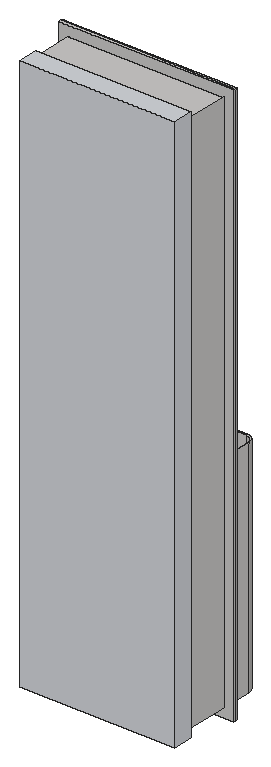
Revit family
Parameters (values of type "Standard")
  Subcategory = "Towel Dispenser"
  SmartBIM Object Version = 3  # constant formula
  SmartBIM Object Created By = "Reed Construction Data"  # constant formula
  Material = Steel-Satin Finish
  Manufacturer = ""
  Assembly Code = "C1030200"
  95 CSI = "10810"
  04 CSI = "10 28 13"
Reference planes (in)
  plane 1: y = 0
  plane 2 "Center (Left/Right)": x = -5.34375
  plane 3 "Wall Edge": y = 3
  plane 4: y = -1
  plane 5: x = 2.3125
  plane 6: x = -13
  plane 7: z = 55.5
Forms (in)
  Extrusion 1, solid
    sketch origin (0, 3, 0) x (1, 0, 0) y (0, 0, 1)
      loop
        line (-13, 55.5) -> (-13, 0) -> (2.3125, 0) -> (2.3125, 55.5) -> (-13, 55.5)
    from 4 to 6
Lines and regions (in)
  Opening 1
    outline origin (-60, -3, 0) x (1, 0, 0) y (0, 0, 1)
      loop
        line (62.3125, 55.5) -> (47, 55.5) -> (47, 0) -> (62.3125, 0) -> (62.3125, 55.5)
Text (in)
  text "Placement Side" at (0, 40.1514891, 123.0158834), in view "Right"
  text "Placement Side" at (-52.7364356, 18.8893058, 0), in view "Ref. Level"
  text "Placement Side" at (0, 50.512637, 75.6914915), in view "Left"
Dimensions and locks (in)
  locked: plane 3 "Wall Edge" to host wall
  locked: plane 4 to plane 3 "Wall Edge" at 4
  plane 6 to plane 5 = 15 5/16"
  equal spacing: plane 6, plane 2 "Center (Left/Right)", plane 5
  aligned and locked: plane 5 to Opening 1 sketch curve
  aligned and locked: plane 7 to Opening 1 sketch curve
  aligned and locked: level to Opening 1 sketch curve
  aligned and locked: Opening 1 sketch curve to plane 6
  aligned and locked: nested 1 to plane 3 "Wall Edge"
  aligned and locked: nested 1 to plane 6
  aligned and locked: nested 1 to plane 5
  aligned and locked: nested 1 to plane 4
  aligned and locked: host wall to Extrusion 1 sketch curve
  aligned and locked: Extrusion 1 sketch curve to host wall  (x2)
  aligned and locked: nested 1 to Extrusion 1 sketch curve
  aligned and locked: host wall to Extrusion 1  (x2)
  aligned and locked: plane 4 to Extrusion 1
  aligned and locked: Extrusion 1 to host wall
Nested families (in)
  nested 1: "Dispenser Unit" at (-6.6875, 3, 0) x (-1, 0, 0) z (0, 0, 1), type "B-3944"
Definition of nested family "Dispenser Unit"
  Parameters (values of type "B-3944")
    Material = Steel-Satin Finish
  Reference planes (in)
    plane 1 "Center (Front/Back)": y = 0
    plane 2: z = 0
    plane 3 "Center (Left/Right)": x = -1.34375
    plane 4: y = -4.125
    plane 5: y = 4
    plane 6: x = -9
    plane 7: x = 6.3125
    plane 8: z = 23
    plane 9: z = 0
    plane 10: z = 35.5
    plane 11: z = 56
    plane 12: z = 0.875
    plane 13: z = 55
    plane 14: z = 31.375
    plane 15: z = 36.875
  Forms (in)
    Extrusion 1, solid, material "Steel-Satin Finish" <- "Material"
      sketch origin (-15.4264939, -180, 0) x (-1, 0, 0) y (0, -1, 0)
        loop
          line (-6.4264939, -184) -> (-6.4264939, -176.875)
          arc (-6.4264939, -176.875) -> (-6.7193871, -176.1678932) -> (-7.4264939, -175.875) r 1
          line (-7.4264939, -175.875) -> (-20.7389939, -175.875)
          arc (-20.7389939, -175.875) -> (-21.4461007, -176.1678932) -> (-21.7389939, -176.875) r 1
          line (-21.7389939, -176.875) -> (-21.7389939, -184) -> (-6.4264939, -184)
        loop
          arc (-6.5514939, -176.875) -> (-6.8077755, -176.2562816) -> (-7.4264939, -176) r 0.875
          line (-7.4264939, -176) -> (-20.7389939, -176)
          arc (-20.7389939, -176) -> (-21.3577124, -176.2562816) -> (-21.6139939, -176.875) r 0.875
          line (-21.6139939, -176.875) -> (-21.6139939, -183.25) -> (-6.5514939, -183.25) -> (-6.5514939, -176.875)
      from 0.875 to 23
    Extrusion 2, solid, material "Steel-Satin Finish" <- "Material"
      sketch origin (-36.2312876, -180, 55) x (-1, 0, 0) y (0, -1, 0)
        loop
          line (-27.2312876, -184) -> (-27.2312876, -179.7083794) -> (-42.5437876, -179.7083794) -> (-42.5437876, -184) -> (-27.2312876, -184)
      from 0 to -18.125
    Extrusion 3, solid, material "Steel-Satin Finish" <- "Material"
      sketch origin (-9, 13.0445712, 48) x (0, 1, 0) y (0, 0, 1)
        loop
          line (-9.5445712, -25) -> (-9.0445712, -25) -> (-9.0445712, -12.5) -> (-9.5445712, -12.5) -> (-9.5445712, -13.9418734) -> (-12.3322265, -18.9709367) -> (-9.5445712, -24) -> (-9.5445712, -25)
      from 0.25 to 15.1875
    Sweep 4, solid, material "Steel-Satin Finish" <- "Material"
      path origin (0, 0, 0) x (1, 0, 0) y (0, 0, -1)
        loop
          line (-10, -56) -> (7.3125, -56) -> (7.3125, 0) -> (-10, 0) -> (-10, -56)
      profile origin (-1.34375, 0, 56) x (0, 0, -1) y (0, 1, 0)
        loop
          line (0, 0) -> (0, -0.2905445)
          arc (0, -0.2905445) -> (0.0732233, -0.4673212) -> (0.25, -0.5405445) r 0.25
          line (0.25, -0.5405445) -> (0.75, -0.5405445)
          arc (0.75, -0.5405445) -> (0.9267767, -0.4673212) -> (1, -0.2905445) r 0.25
          line (1, -0.2905445) -> (1, 0) -> (0, 0)
    Extrusion 5, solid, material "Steel-Satin Finish" <- "Material"
      sketch origin (-15.4264939, -180, 23) x (-1, 0, 0) y (0, -1, 0)
        loop
          arc (-6.4264939, -179.7562692) -> (-6.4405205, -179.722406) -> (-6.4743837, -179.7083794) r 0.0478898
          line (-6.4743837, -179.7083794) -> (-6.6286041, -179.7083794)
          arc (-6.6286041, -179.7083794) -> (-6.6624673, -179.722406) -> (-6.6764939, -179.7562692) r 0.0478898
          line (-6.6764939, -179.7562692) -> (-6.6764939, -183.75) -> (-21.6139939, -183.75) -> (-21.6139939, -179.7512936)
          arc (-21.6139939, -179.7512936) -> (-21.626248, -179.7217096) -> (-21.655832, -179.7094555) r 0.0418381
          line (-21.655832, -179.7094555) -> (-21.7389939, -179.7094555) -> (-21.7389939, -184) -> (-6.4264939, -184) -> (-6.4264939, -179.7562692)
      from 0 to 13.875
    Extrusion 6, solid, material "Steel-Satin Finish" <- "Material"
      sketch origin (-9, 13.0445712, 48) x (0, 1, 0) y (0, 0, 1)
        loop
          arc (-13.3361918, -11.125) -> (-11.3153815, -12.5007075) -> (-9.2945712, -11.125) r 2.1720625
          line (-9.2945712, -11.125) -> (-13.3361918, -11.125)
      from 5.6038925 to 15.1875
    Extrusion 7, solid, material "Steel-Satin Finish" <- "Material"
      sketch origin (6.3125, 3.25, 0) x (-1, 0, 0) y (0, 0, -1)
        loop
          circle (7.65625, -23.4869057) r 0.25
        loop
          circle (7.65625, -23.4869057) r 0.1844184
      from 0 to 0.125
    Extrusion 8, solid, material "Steel-Satin Finish" <- "Material"
      sketch origin (-24.0636433, -180, 0.875) x (-1, 0, 0) y (0, -1, 0)
        loop
          line (-16.0636433, -176) -> (-29.3761433, -176)
          arc (-29.3761433, -176) -> (-29.9948617, -176.2562816) -> (-30.2511433, -176.875) r 0.875
          line (-30.2511433, -176.875) -> (-30.2511433, -183.25) -> (-15.1886433, -183.25) -> (-15.1886433, -176.875)
          arc (-15.1886433, -176.875) -> (-15.4449248, -176.2562816) -> (-16.0636433, -176) r 0.875
      from 0 to 0.125
  Cuts and joins
    joined: Extrusion 1, Extrusion 2, Extrusion 3, Extrusion 5
  Dimensions and locks (in)
    equal spacing: plane 6, plane 3 "Center (Left/Right)", plane 7
    locked: plane 6 to plane 7 at 15.3125
    locked: plane 5 to plane 1 "Center (Front/Back)" at 4
    locked: plane 4 to plane 1 "Center (Front/Back)" at 4.125
    locked: plane 12 to plane 9 at 0.875
    locked: plane 11 to plane 13 at 1
    locked: plane 8 to plane 9 at 23
    locked: plane 10 to plane 9 at 35.5
    locked: plane 13 to plane 15 at 18.125
    plane 11 to plane 13 = 1"
    plane 11 to plane 9 = 56"
    plane 13 to plane 12 = 54 1/8"
    locked: plane 7 to Extrusion 6 at 9.7086075
    aligned and locked: level to plane 9
    aligned and locked: plane 2 to plane 9
    aligned and locked: plane 6 to Extrusion 1 sketch curve
    aligned and locked: Extrusion 1 sketch curve to plane 5
    aligned and locked: Extrusion 1 sketch curve to plane 7
    aligned and locked: plane 8 to Extrusion 1
    aligned and locked: Extrusion 1 to plane 12
    aligned and locked: Extrusion 2 sketch curve to Extrusion 1  (x2)
    aligned and locked: Extrusion 2 sketch curve to plane 7
    aligned and locked: plane 13 to Extrusion 2
    aligned and locked: Extrusion 3 sketch curve to Extrusion 3 sketch curve
    aligned and locked: Extrusion 3 sketch curve to plane 8
    aligned and locked: Extrusion 1 to Extrusion 3 sketch curve
    aligned and locked: profile plane to Sweep 4 sketch curve
    aligned and locked: Extrusion 5 sketch curve to plane 5
    aligned and locked: Extrusion 5 sketch curve to Sweep 4  (x2)
    aligned and locked: Extrusion 5 sketch curve to Extrusion 2
    aligned and locked: Extrusion 5 to Extrusion 2
    aligned and locked: Extrusion 5 to plane 8
    aligned and locked: Extrusion 3 to Extrusion 5  (x2)
    aligned and locked: Extrusion 6 sketch curve to Extrusion 5  (x2)
    aligned and locked: Extrusion 3 sketch curve to plane 10
    aligned and locked: Extrusion 8 sketch curve to cut or joined group of Extrusion 1, Extrusion 2, Extrusion 3, Extrusion 5  (x3)
    aligned and locked: cut or joined group of Extrusion 1, Extrusion 2, Extrusion 3, Extrusion 5 to Extrusion 8 sketch curve
    aligned and locked: Extrusion 8 to plane 12
    aligned and locked: cut or joined group of Extrusion 1, Extrusion 2, Extrusion 3, Extrusion 5 to Extrusion 6
  Automatic sketch dimensions
    Sweep 4 sketch curve to level = 0"
    plane 7 to Sweep 4 sketch curve = 1"
    Sweep 4 sketch curve to plane 6 = 1"
    Sweep 4 sketch curve to plane 11 = 0"
    Sweep 4 sketch curve to profile plane = 0"
    Sweep 4 sketch curve to profile plane = 1/4"
    Sweep 4 sketch curve to Sweep 4 sketch curve = 1/2"
    Sweep 4 sketch curve to Sweep 4 sketch curve = 1/4"
    Sweep 4 sketch curve to profile plane = 0.29054"
    Extrusion 5 sketch curve to Extrusion 5 sketch curve = 0.08316"
    Extrusion 5 sketch curve to Extrusion 5 sketch curve = 0.04184"
    plane 6 to Extrusion 5 sketch curve = 1/4"
    Extrusion 5 sketch curve to Extrusion 5 sketch curve = 0.04789"
    plane 6 to Extrusion 5 sketch curve = 0.04789"
    Extrusion 5 sketch curve to plane 5 = 1/4"
    plane 1 "Center (Front/Back)" to Extrusion 5 sketch curve = 0.24373"
    Extrusion 1 sketch curve to Extrusion 1 sketch curve = 0"  (x4)
    Extrusion 1 sketch curve to plane 4 = 0"
    Extrusion 1 sketch curve to plane 7 = 1/8"
    Extrusion 1 sketch curve to plane 7 = 1"
    plane 6 to Extrusion 1 sketch curve = 1"
    Extrusion 1 sketch curve to plane 5 = 3/4"
    plane 15 to Extrusion 6 sketch curve = 0.79636"
    Extrusion 6 sketch curve to plane 1 "Center (Front/Back)" = 1.72919"
    Extrusion 3 sketch curve to plane 5 = 1/2"
    Extrusion 3 sketch curve to plane 1 "Center (Front/Back)" = 0.71234"
    Extrusion 3 sketch curve to Extrusion 3 sketch curve = 1"
    Extrusion 3 sketch curve to plane 14 = 2.34594"
    Extrusion 3 sketch curve to Extrusion 3 sketch curve = 1.44187"
    Extrusion 7 sketch curve to Extrusion 7 sketch curve = 0"  (x2)
    Extrusion 7 sketch curve to Extrusion 1 = 0.48691"
    Extrusion 1 to Extrusion 7 sketch curve = 7 17/32"
    plane 1 "Center (Front/Back)" to Extrusion 2 sketch curve = 0.29162"
    radius of Extrusion 7 sketch curve = 1/4"
    radius of Extrusion 7 sketch curve = 0.18442"
